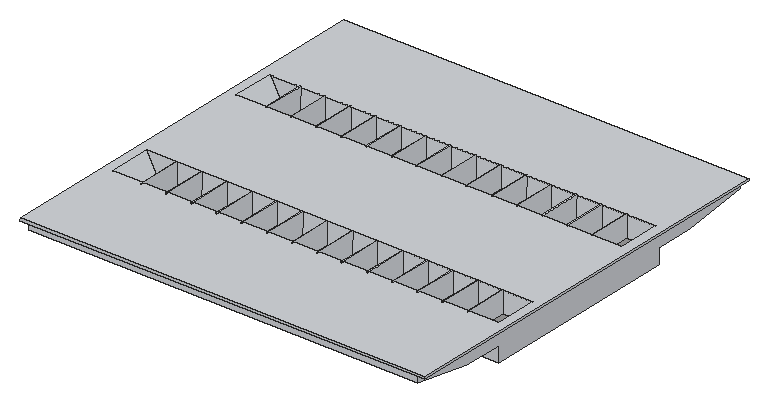
Revit family "0052579 Sylvania Lighting Fixture RANA NEO 3500LM REC 600x600 840 DALI 2L WHITE", category Lighting Fixtures, host Face, Revit 2016
Family settings
  Host = Face
  Part Type = Normal
  Round Connector Dimension = Use Diameter
  OmniClass Number = 23.80.70.00
  OmniClass Title = Lighting
  Cut with Voids When Loaded = No
  Light Source = Yes
  Shared = No
  Room Calculation Point = No
Parameters (values of type "0052579 RANA NEO 3500LM R 600 840 DALI 2L WHT")
  fin7 = 37 mm
  fin3 = 332 mm
  fin2 [instance] = 368 mm
  fin 6 = 110 mm
  fin 5 = 185 mm
  fin 4 = 258 mm
  fin 3 [instance] = 318 mm
  fin 2 = 407 mm
  fin 1 = 480 mm
  Width_SYL = if([600x600_SYL], 595 mm, if([625x625_SYL], 620 mm, if([1200_SYL], 296 mm, 306 mm)))  # 595 mm
  Weight = "n/a"
  Wattage Comments = ""
  Wattage = 28 W
  WarrantyStartDate [instance] = "n/a"
  WarrantyGuarantorParts = "n/a"
  WarrantyDurationUnit = "n/a"
  WarrantyDurationParts = ""
  WarrantyDescription = "http://www.sylvania-lighting.com"
  built-in parameter 1150110 = 1 (stored number, unit not read)
  Voltage = 0 V
  URL = "0.96"
  TypeName = "RANA NEO 3500LM REC 600x600 840 DALI 2L WHITE"
  Type Image = <None>
  Type Comments = "n/a"
  built-in parameter 1114217 = 1 (stored number, unit not read)
  TopWidth_SYL = if([600x600_SYL], 295 mm, if([625x625_SYL], 295 mm, if([1200_SYL], 165 mm, 165 mm)))  # 295 mm
  Tilt Angle = -90.00°
  built-in parameter 1150109 = 1 (stored number, unit not read)
  built-in parameter 1150134 = (empty or 0)
  built-in parameter 1150113 = 1 (stored number, unit not read)
  SlopeTopWidth_SYL = if([600x600_SYL], 410 mm, if([625x625_SYL], 410 mm, if([1200_SYL], 168 mm, 168 mm)))  # 410 mm
  SlopeBottomWidth_SYL = if([600x600_SYL], 593 mm, if([625x625_SYL], 593 mm, if([1200_SYL], 244 mm, 244 mm)))  # 593 mm
  SlopeHeight_SYL = if([600x600_SYL], 17 mm, if([625x625_SYL], 17 mm, if([1200_SYL], 40 mm, 40 mm)))  # 17 mm
  SerialNumber [instance] = "n/a"
  ReflectorNumber_SYL = if([1Ref_SYL], 2, if([2Ref_SYL], 2, 3))  # 2
  ReflectorLength_SYL = Length_SYL - Inset_SYL * 2 - 5 mm  # 550 mm
  ReflectorInset_SYL = if([1Ref_SYL], 82.4 mm, if([2Ref_SYL], 30 mm, 30 mm))  # 30 mm
  Photometric Web File = "0052579.ies"
  Material_3_SYL = none
  PowerFactor = 0.95
  PowerConsumption = "Lighting"
  NominalLength = 595 mm
  NominalHeight = 60 mm
  NominalDepth = 595 mm
  Name = "RANA NEO 3500LM REC 600x600 840 DALI 2L WHITE"
  ModelReference = Name  # "RANA NEO 3500LM REC 600x600 840 DALI 2L WHITE"
  ModelNumber = "0052579"
  Model = Name  # "RANA NEO 3500LM REC 600x600 840 DALI 2L WHITE"
  Material = "Feilo Sylvania"
  ManufacturerName = "113 lm/W"
  Manufacturer = ""
  LuminousEfficacy = ""
  built-in parameter 1150105 = 222.82 (stored number, unit not read)
  Lumens = 2800 lm
  LuminaireType = "0"
  built-in parameter 1150115 = 1 (stored number, unit not read)
  LouverNumber_SYL = if([600x600_SYL], 14, if([625x625_SYL], 14, if([1200_SYL], 28, 28)))  # 14
  LightOutputRatio = "LED"
  built-in parameter 1150137 = (empty or 0)
  built-in parameter 1150139 = (empty or 0)
  Length_SYL = if([600x600_SYL], 595 mm, if([625x625_SYL], 620 mm, if([1200_SYL], 1196 mm, 1246 mm)))  # 595 mm
  LampsType = Lamp  # "n/a"
  LampNominalLuminous = "4000 K"
  LampMacAdamStep = "80"
  LampColourTemperature = "LED"
  LampColourRenderingIndex = "16500"
  built-in parameter 1150112 = 1 (stored number, unit not read)
  built-in parameter 1150114 = 1 (stored number, unit not read)
  Lamp = "n/a"
  LED position [instance] = 410 mm
  LED inside width = 165 mm
  LED inner void = 521.5 mm
  LED Width = 290 mm
  LED Length = 568 mm
  Keynote = "n/a"
  InstallationDate [instance] = "n/a"
  Inset_SYL = 20 mm  # constant formula
  InputVoltage = "0"
  InputNominalFrequency = "4000"
  built-in parameter 1150132 = (empty or 0)
  built-in parameter 1150102 = (empty or 0)
  built-in parameter 1150107 = 3000 (stored number, unit not read)
  built-in parameter 1150138 = (empty or 0)
  IngressProtection = "IfcLightFixtureType"
  ImpactProtectionIndex = "IfcLightFixtureType"
  built-in parameter 1150106 = 2.2282 (stored number, unit not read)
  IfcExportType = "IfcLightFixtureType"
  IfcExportAs = "Class I"
  Height = 52 mm
  Emit from Rectangle Width = if([1Ref_SYL], 48 mm, TopWidth_SYL - 13 mm)  # 282 mm
  Emit from Rectangle Length = ReflectorLength_SYL - 8 mm  # 542 mm
  Emit Shape Visible in Rendering = no
  ElectricShockClassification = "113"
  built-in parameter 1150104 = 9.2903 (stored number, unit not read)
  DocumentationLiterature = "http://www.sylvania-lighting.com/product/en-int/products/0052579"
  DimmingControlOptions = "n/a"
  Material_2_SYL = none
  Dimming Lamp Color Temperature Shift = <None>
  Description = "-"
  Default Elevation = 1219.2 mm
  CreatedOn = "25/11/2019"
  CreatedBy = "@sylvania-lighting.com"
  Cost = 0
  Color Filter = 16777215
  built-in parameter 1114216 [instance] = (empty or 0)
  ClassificationValue = "EF_70_80"
  ClassificationName = "Uniclass2015"
  Material_1_SYL = none
  BarCode [instance] = "n/a"
  built-in parameter 1114218 = 1 (stored number, unit not read)
  built-in parameter 1150133 = 10 (stored number, unit not read)
  AssetType = "Fixed"
  AssetIdentifier [instance] = "n/a"
  Assembly Code = "D5020200"
  Apparent Load = 31 VA
  Material_4_SYL = none
  625x625_SYL = no
  600x600_SYL = yes
  2Ref_SYL = yes
  1Ref_SYL = no
  1200_SYL = no
Reference planes
  plane 1 "Center (Front/Back)": y = 0
  plane 2: z = 0
  plane 3 "Center (Left/Right)": x = 0
  plane 4: x = 297.5
  plane 5: x = -297.5
  plane 6: y = 297.5
  plane 7: y = -297.5
  plane 8: z = -120
  plane 9: z = -3
  plane 10: z = -12
  plane 11: z = -29
  plane 12: z = -52
  plane 13: y = -296.5
  plane 14: y = 296.5
  plane 15: y = 145
  plane 16: y = -145
  plane 17: y = 82.5
  plane 18: y = -82.5
  plane 19: x = -284
  plane 20: x = 284
  plane 21: y = 141
  plane 22: y = 86.5
  plane 23: x = -264
  plane 24: x = 257.5
  plane 25: x = -286
  plane 26: x = 286
  plane 27: y = -86.5
  plane 28: y = -141
  plane 29: x = 18.5
  plane 30: x = -18.5
  plane 31: x = 55
  plane 32: x = -55
  plane 33: x = 92.5
  plane 34: x = -92.5
  plane 35: x = 129
  plane 36: x = -129
  plane 37: x = 166
  plane 38: x = -166
  plane 39: x = -203.5
  plane 40: x = 203.5
  plane 41: x = -240
  plane 42: x = 240
  plane 43: x = 169.5
  plane 44: x = 162.5
  plane 45: x = 166.5
  plane 46: x = 165.5
Forms (mm)
  Extrusion 1, void
    sketch origin (0, 0, 0) x (1, 0, 0) y (0, 1, 0)
      loop
        line (-297.5, 297.5) -> (-297.5, -297.5) -> (297.5, -297.5) -> (297.5, 297.5) -> (-297.5, 297.5)
    from -120 to 0
  Extrusion 2, solid, detail levels medium+fine
    sketch origin (0, 0, 0) x (0, 1, 0) y (0, 0, 1)
      loop
        line (-296.5, 0) -> (-296.5, -12) -> (-205, -29) -> (-147.5, -29) -> (-147.5, -52) -> (147.5, -52) -> (147.5, -29) -> (205, -29) -> (296.5, -17.514) -> (296.5, 0) -> (-296.5, 0)
    from -286 to 286
  Extrusion 3, solid, detail levels medium+fine
    sketch origin (275, 1524, 1219.2) x (0, 1, 0) y (0, 0, 1)
      loop
        line (-1226.5, -1222.2) -> (-1226.5, -1219.2) -> (-1820.5, -1219.2) -> (-1820.5, -1222.2) -> (-1226.5, -1222.2)
    from 11 to 22.5
  Extrusion 4, solid, detail levels medium+fine
    sketch origin (-275, 1524, 1219.2) x (0, 1, 0) y (0, 0, 1)
      loop
        line (-1820.5, -1222.2) -> (-1227.5, -1222.2) -> (-1227.5, -1219.2) -> (-1820.5, -1219.2) -> (-1820.5, -1222.2)
    from -11 to -22.5
  Extrusion 5, solid, detail levels medium+fine
    sketch origin (0, 0, 0) x (0, 1, 0) y (0, 0, 1)
      loop
        line (-297.5, 0) -> (-297.5, -3) -> (-296.5, -3) -> (-296.5, 0) -> (-297.5, 0)
      loop
        line (297.5, -3) -> (297.5, 0) -> (296.5, 0) -> (296.5, -3) -> (297.5, -3)
    from -297.5 to 297.5
  Blend 6, void
    base sketch origin (0, 0, 0) x (1, 0, 0) y (0, 1, 0)
      loop
        line (-284, 145) -> (-284, 82.5) -> (284, 82.5) -> (284, 145) -> (-284, 145)
    top sketch origin (0, 0, 0) x (1, 0, 0) y (0, 1, 0)
      loop
        line (-264, 141) -> (-264, 86.5) -> (257.5, 86.5) -> (257.5, 141) -> (-264, 141)
    from 0 to -29
  Blend 7, void
    base sketch origin (0, 0, 0) x (1, 0, 0) y (0, 1, 0)
      loop
        line (-284, -82.5) -> (-284, -145) -> (284, -145) -> (284, -82.5) -> (-284, -82.5)
    top sketch origin (0, 0, 0) x (1, 0, 0) y (0, 1, 0)
      loop
        line (257.5, -86.5) -> (-264, -86.5) -> (-264, -141) -> (257.5, -141) -> (257.5, -86.5)
    from 0 to -29
  Extrusion 8, solid, detail levels fine
    sketch origin (0, 0, 0) x (1, 0, 0) y (0, 0, 1)
      loop
        line (162.5, -29) -> (169.5, -29) -> (166.5, 0) -> (165.5, 0) -> (162.5, -29)
    from -145 to -82.5
  Extrusion 9, solid, detail levels fine
    sketch origin (37.5, 0, 0) x (1, 0, 0) y (0, 0, 1)
      loop
        line (162.5, -29) -> (169.5, -29) -> (166.5, 0) -> (165.5, 0) -> (162.5, -29)
    from -145 to -82.5
  Extrusion 10, solid, detail levels fine
    sketch origin (74, 0, 0) x (1, 0, 0) y (0, 0, 1)
      loop
        line (162.5, -29) -> (169.5, -29) -> (166.5, 0) -> (165.5, 0) -> (162.5, -29)
    from -145 to -82.5
  Extrusion 11, solid, detail levels fine
    sketch origin (-37, 0, 0) x (1, 0, 0) y (0, 0, 1)
      loop
        line (162.5, -29) -> (169.5, -29) -> (166.5, 0) -> (165.5, 0) -> (162.5, -29)
    from -145 to -82.5
  Extrusion 12, solid, detail levels fine
    sketch origin (-73.5, 0, 0) x (1, 0, 0) y (0, 0, 1)
      loop
        line (162.5, -29) -> (169.5, -29) -> (166.5, 0) -> (165.5, 0) -> (162.5, -29)
    from -145 to -82.5
  Extrusion 13, solid, detail levels fine
    sketch origin (-111, 0, 0) x (1, 0, 0) y (0, 0, 1)
      loop
        line (162.5, -29) -> (169.5, -29) -> (166.5, 0) -> (165.5, 0) -> (162.5, -29)
    from -145 to -82.5
  Extrusion 14, solid, detail levels fine
    sketch origin (-147.5, 0, 0) x (1, 0, 0) y (0, 0, 1)
      loop
        line (162.5, -29) -> (169.5, -29) -> (166.5, 0) -> (165.5, 0) -> (162.5, -29)
    from -145 to -82.5
  Extrusion 15, solid, detail levels fine
    sketch origin (-184.5, 0, 0) x (1, 0, 0) y (0, 0, 1)
      loop
        line (162.5, -29) -> (169.5, -29) -> (166.5, 0) -> (165.5, 0) -> (162.5, -29)
    from -145 to -82.5
  Extrusion 16, solid, detail levels fine
    sketch origin (-221, 0, 0) x (1, 0, 0) y (0, 0, 1)
      loop
        line (162.5, -29) -> (169.5, -29) -> (166.5, 0) -> (165.5, 0) -> (162.5, -29)
    from -145 to -82.5
  Extrusion 17, solid, detail levels fine
    sketch origin (-258.5, 0, 0) x (1, 0, 0) y (0, 0, 1)
      loop
        line (162.5, -29) -> (169.5, -29) -> (166.5, 0) -> (165.5, 0) -> (162.5, -29)
    from -145 to -82.5
  Extrusion 18, solid, detail levels fine
    sketch origin (-295, 0, 0) x (1, 0, 0) y (0, 0, 1)
      loop
        line (162.5, -29) -> (169.5, -29) -> (166.5, 0) -> (165.5, 0) -> (162.5, -29)
    from -145 to -82.5
  Extrusion 19, solid, detail levels fine
    sketch origin (-332, 0, 0) x (1, 0, 0) y (0, 0, 1)
      loop
        line (162.5, -29) -> (169.5, -29) -> (166.5, 0) -> (165.5, 0) -> (162.5, -29)
    from -145 to -82.5
  Extrusion 20, solid, detail levels fine
    sketch origin (-369.5, 0, 0) x (1, 0, 0) y (0, 0, 1)
      loop
        line (162.5, -29) -> (169.5, -29) -> (166.5, 0) -> (165.5, 0) -> (162.5, -29)
    from -145 to -82.5
  Extrusion 21, solid, detail levels fine
    sketch origin (-406, 0, 0) x (1, 0, 0) y (0, 0, 1)
      loop
        line (162.5, -29) -> (169.5, -29) -> (166.5, 0) -> (165.5, 0) -> (162.5, -29)
    from -145 to -82.5
  Extrusion 22, solid, detail levels fine
    sketch origin (-406.072, 0, -0.017) x (1, 0, 0) y (0, 0, 1)
      loop
        line (162.5, -29) -> (169.5, -29) -> (166.5, 0) -> (165.5, 0) -> (162.5, -29)
    from 82.5 to 147.5
  Extrusion 23, solid, detail levels fine
    sketch origin (-369.572, 0, -0.017) x (1, 0, 0) y (0, 0, 1)
      loop
        line (162.5, -29) -> (169.5, -29) -> (166.5, 0) -> (165.5, 0) -> (162.5, -29)
    from 82.5 to 147.5
  Extrusion 24, solid, detail levels fine
    sketch origin (-331.998, 0, -0.017) x (1, 0, 0) y (0, 0, 1)
      loop
        line (162.5, -29) -> (169.5, -29) -> (166.5, 0) -> (165.5, 0) -> (162.5, -29)
    from 82.5 to 147.5
  Extrusion 25, solid, detail levels fine
    sketch origin (-294.998, 0, -0.017) x (1, 0, 0) y (0, 0, 1)
      loop
        line (162.5, -29) -> (169.5, -29) -> (166.5, 0) -> (165.5, 0) -> (162.5, -29)
    from 82.5 to 147.5
  Extrusion 26, solid, detail levels fine
    sketch origin (-258.498, 0, -0.017) x (1, 0, 0) y (0, 0, 1)
      loop
        line (162.5, -29) -> (169.5, -29) -> (166.5, 0) -> (165.5, 0) -> (162.5, -29)
    from 82.5 to 147.5
  Extrusion 27, solid, detail levels fine
    sketch origin (-221, 0, -0.017) x (1, 0, 0) y (0, 0, 1)
      loop
        line (162.5, -29) -> (169.5, -29) -> (166.5, 0) -> (165.5, 0) -> (162.5, -29)
    from 82.5 to 147.5
  Extrusion 28, solid, detail levels fine
    sketch origin (-184.5, 0, -0.017) x (1, 0, 0) y (0, 0, 1)
      loop
        line (162.5, -29) -> (169.5, -29) -> (166.5, 0) -> (165.5, 0) -> (162.5, -29)
    from 82.5 to 147.5
  Extrusion 29, solid, detail levels fine
    sketch origin (-147.5, 0, -0.017) x (1, 0, 0) y (0, 0, 1)
      loop
        line (162.5, -29) -> (169.5, -29) -> (166.5, 0) -> (165.5, 0) -> (162.5, -29)
    from 82.5 to 147.5
  Extrusion 30, solid, detail levels fine
    sketch origin (-111, 0, -0.017) x (1, 0, 0) y (0, 0, 1)
      loop
        line (162.5, -29) -> (169.5, -29) -> (166.5, 0) -> (165.5, 0) -> (162.5, -29)
    from 82.5 to 147.5
  Extrusion 31, solid, detail levels fine
    sketch origin (-73.5, 0, -0.017) x (1, 0, 0) y (0, 0, 1)
      loop
        line (162.5, -29) -> (169.5, -29) -> (166.5, 0) -> (165.5, 0) -> (162.5, -29)
    from 82.5 to 147.5
  Extrusion 32, solid, detail levels fine
    sketch origin (-37, 0, -0.017) x (1, 0, 0) y (0, 0, 1)
      loop
        line (162.5, -29) -> (169.5, -29) -> (166.5, 0) -> (165.5, 0) -> (162.5, -29)
    from 82.5 to 147.5
  Extrusion 33, solid, detail levels fine
    sketch origin (0, 0, -0.017) x (1, 0, 0) y (0, 0, 1)
      loop
        line (162.5, -29) -> (169.5, -29) -> (166.5, 0) -> (165.5, 0) -> (162.5, -29)
    from 82.5 to 147.5
  Extrusion 34, solid, detail levels fine
    sketch origin (37.5, 0, -0.017) x (1, 0, 0) y (0, 0, 1)
      loop
        line (162.5, -29) -> (169.5, -29) -> (166.5, 0) -> (165.5, 0) -> (162.5, -29)
    from 82.5 to 147.5
  Extrusion 35, solid, detail levels fine
    sketch origin (74, 0, -0.017) x (1, 0, 0) y (0, 0, 1)
      loop
        line (162.5, -29) -> (169.5, -29) -> (166.5, 0) -> (165.5, 0) -> (162.5, -29)
    from 82.5 to 147.5
  Extrusion 36, solid, material "Glass, White, High Luminance", detail levels fine
    sketch origin (0, 0, 0) x (1, 0, 0) y (0, 1, 0)
      loop
        line (-264, 141) -> (-264, 86.5) -> (257.5, 86.5) -> (257.5, 141) -> (-264, 141)
    from -29 to -28
  Extrusion 37, solid, material "Glass, White, High Luminance", detail levels fine
    sketch origin (0, 0, 0) x (1, 0, 0) y (0, 1, 0)
      loop
        line (-264, -86.5) -> (-264, -141) -> (257.5, -141) -> (257.5, -86.5) -> (-264, -86.5)
    from -29 to -28
  Extrusion 38, solid, detail levels coarse
    sketch origin (0, 0, 0) x (1, 0, 0) y (0, 1, 0)
      loop
        line (-297.5, 297.5) -> (-297.5, -297.5) -> (297.5, -297.5) -> (297.5, 297.5) -> (-297.5, 297.5)
    from -52 to 0
Cuts and joins
  Blend 6, Blend 7 cuts Extrusion 2
  Blend 6, Blend 7 cuts Extrusion 3
  Blend 6, Blend 7 cuts Extrusion 4
  Blend 6, Blend 7 cuts Extrusion 5
  joined: Extrusion 2, Extrusion 3, Extrusion 4, Extrusion 5
Dimensions and locks
  "Length_SYL": plane 5 to plane 4
  locked: plane 2 to plane 8 at 120
  locked: plane 2 to plane 9 at 3
  locked: plane 2 to plane 10 at 12
  "SlopeHeight_SYL": plane 11 to plane 10
  "Height": plane 2 to plane 12
  equal spacing: plane 13, plane 1 "Center (Front/Back)", plane 14
  "SlopeBottomWidth_SYL": plane 13 to plane 14
  "LED Width": plane 15 to plane 16
  equal spacing: plane 15, plane 1 "Center (Front/Back)", plane 16
  "LED inside width": plane 17 to plane 18
  equal spacing: plane 17, plane 1 "Center (Front/Back)", plane 18
  "LED Length": plane 19 to plane 20
  equal spacing: plane 19, plane 3 "Center (Left/Right)", plane 20
  "LED inner void": plane 23 to plane 24
  "fin7": plane 29 to plane 30
  equal spacing: plane 29, plane 3 "Center (Left/Right)", plane 30
  "fin 6": plane 31 to plane 32
  equal spacing: plane 31, plane 3 "Center (Left/Right)", plane 32
  "fin 5": plane 33 to plane 34
  equal spacing: plane 33, plane 3 "Center (Left/Right)", plane 34
  "fin 4": plane 35 to plane 36
  equal spacing: plane 35, plane 3 "Center (Left/Right)", plane 36
  "fin 2": plane 40 to plane 39
  equal spacing: plane 40, plane 3 "Center (Left/Right)", plane 39
  "fin3": plane 37 to plane 38
  equal spacing: plane 37, plane 3 "Center (Left/Right)", plane 38
  "fin 1": plane 42 to plane 41
  equal spacing: plane 42, plane 3 "Center (Left/Right)", plane 41
  aligned and locked: plane 2 to host face
  aligned and locked: level to host face
  aligned and locked: plane 6 to Extrusion 1 sketch curve
  aligned and locked: plane 5 to Extrusion 1 sketch curve
  aligned and locked: Extrusion 1 sketch curve to plane 7
  aligned and locked: Extrusion 1 sketch curve to plane 4
  aligned and locked: level to Extrusion 1
  aligned and locked: plane 8 to Extrusion 1
  aligned and locked: plane 2 to Extrusion 1
  aligned and locked: plane 10 to Extrusion 2 sketch curve
  aligned and locked: plane 12 to Extrusion 2 sketch curve
  aligned and locked: plane 11 to Extrusion 2 sketch curve  (x2)
  aligned and locked: Extrusion 2 sketch curve to level
  aligned and locked: Extrusion 3 sketch curve to Extrusion 2
  aligned and locked: plane 6 to Extrusion 3 sketch curve
  aligned and locked: plane 4 to Extrusion 3
  aligned and locked: cut or joined group of Extrusion 2, Extrusion 3, Extrusion 4, Extrusion 5, Blend 6, Blend 7 to Extrusion 4 sketch curve  (x3)
  aligned and locked: Extrusion 4 sketch curve to cut or joined group of Extrusion 2, Extrusion 3, Extrusion 4, Extrusion 5, Blend 6, Blend 7
  aligned and locked: Extrusion 4 to plane 5
  aligned and locked: Extrusion 3 to Extrusion 2
  aligned and locked: Extrusion 4 to Extrusion 2
  aligned and locked: plane 14 to Extrusion 2 sketch curve
  aligned and locked: plane 13 to Extrusion 2 sketch curve
  aligned and locked: Extrusion 5 sketch curve to level  (x2)
  aligned and locked: Extrusion 5 sketch curve to plane 7
  aligned and locked: Extrusion 5 sketch curve to cut or joined group of Extrusion 2, Extrusion 3, Extrusion 4, Extrusion 5, Blend 6, Blend 7  (x4)
  aligned and locked: cut or joined group of Extrusion 2, Extrusion 3, Extrusion 4, Extrusion 5, Blend 6, Blend 7 to Extrusion 5 sketch curve
  aligned and locked: Extrusion 5 to plane 5
  aligned and locked: plane 4 to Extrusion 5
Automatic sketch dimensions
  host sketch curve to host sketch curve = 1219.2 mm
  host sketch curve to host sketch curve = 1211.616 mm
  Extrusion 2 sketch curve to plane 16 = 60 mm
  Extrusion 2 sketch curve to plane 16 = 2.5 mm
  plane 15 to Extrusion 2 sketch curve = 2.5 mm
  Extrusion 2 sketch curve to Extrusion 2 sketch curve = 57.5 mm
  plane 10 to Extrusion 2 sketch curve = 5.514 mm
  plane 9 to Extrusion 3 sketch curve = 0 mm
  Extrusion 3 sketch curve to plane 13 = 0 mm
  Blend 6 sketch curve to plane 17 = 0 mm
  Blend 6 sketch curve to plane 19 = 0 mm
  Blend 6 sketch curve to plane 20 = 0 mm
  Blend 6 sketch curve to plane 15 = 0 mm
  Blend 6 sketch curve to plane 22 = 0 mm
  Blend 6 sketch curve to plane 23 = 0 mm
  Blend 6 sketch curve to plane 24 = 0 mm
  Blend 6 sketch curve to plane 21 = 0 mm
  Blend 7 sketch curve to plane 16 = 0 mm
  Blend 7 sketch curve to plane 19 = 0 mm
  Blend 7 sketch curve to plane 20 = 0 mm
  Blend 7 sketch curve to plane 18 = 0 mm
  Blend 7 sketch curve to plane 23 = 0 mm
  Blend 7 sketch curve to plane 24 = 0 mm
  Blend 7 sketch curve to plane 28 = 0 mm
  Blend 7 sketch curve to plane 27 = 0 mm
  Extrusion 8 sketch curve to plane 11 = 0 mm
  Extrusion 8 sketch curve to plane 44 = 0 mm
  Extrusion 8 sketch curve to level = 0 mm
  Extrusion 8 sketch curve to plane 46 = 0 mm
  Extrusion 8 sketch curve to plane 45 = 0 mm
  Extrusion 8 sketch curve to plane 43 = 0 mm
  Extrusion 9 sketch curve to plane 11 = 0 mm
  Extrusion 9 sketch curve to level = 0 mm
  Extrusion 9 sketch curve to plane 40 = 3.5 mm
  Extrusion 9 sketch curve to plane 40 = 0.5 mm
  plane 40 to Extrusion 9 sketch curve = 0.5 mm
  plane 40 to Extrusion 9 sketch curve = 3.5 mm
  Extrusion 10 sketch curve to plane 11 = 0 mm
  Extrusion 10 sketch curve to level = 0 mm
  Extrusion 10 sketch curve to plane 42 = 3.5 mm
  Extrusion 10 sketch curve to plane 42 = 0.5 mm
  plane 42 to Extrusion 10 sketch curve = 0.5 mm
  plane 42 to Extrusion 10 sketch curve = 3.5 mm
  Extrusion 11 sketch curve to plane 11 = 0 mm
  Extrusion 11 sketch curve to level = 0 mm
  Extrusion 11 sketch curve to plane 35 = 3.5 mm
  Extrusion 11 sketch curve to plane 35 = 0.5 mm
  plane 35 to Extrusion 11 sketch curve = 0.5 mm
  plane 35 to Extrusion 11 sketch curve = 3.5 mm
  Extrusion 12 sketch curve to plane 11 = 0 mm
  Extrusion 12 sketch curve to level = 0 mm
  Extrusion 12 sketch curve to plane 33 = 3.5 mm
  Extrusion 12 sketch curve to plane 33 = 0.5 mm
  plane 33 to Extrusion 12 sketch curve = 0.5 mm
  plane 33 to Extrusion 12 sketch curve = 3.5 mm
  Extrusion 13 sketch curve to plane 11 = 0 mm
  Extrusion 13 sketch curve to level = 0 mm
  Extrusion 13 sketch curve to plane 31 = 3.5 mm
  Extrusion 13 sketch curve to plane 31 = 0.5 mm
  plane 31 to Extrusion 13 sketch curve = 0.5 mm
  plane 31 to Extrusion 13 sketch curve = 3.5 mm
  Extrusion 14 sketch curve to plane 11 = 0 mm
  Extrusion 14 sketch curve to level = 0 mm
  Extrusion 14 sketch curve to plane 29 = 3.5 mm
  Extrusion 14 sketch curve to plane 29 = 0.5 mm
  plane 29 to Extrusion 14 sketch curve = 0.5 mm
  plane 29 to Extrusion 14 sketch curve = 3.5 mm
  Extrusion 15 sketch curve to plane 11 = 0 mm
  Extrusion 15 sketch curve to level = 0 mm
  Extrusion 15 sketch curve to plane 30 = 3.5 mm
  Extrusion 15 sketch curve to plane 30 = 0.5 mm
  plane 30 to Extrusion 15 sketch curve = 0.5 mm
  plane 30 to Extrusion 15 sketch curve = 3.5 mm
  Extrusion 16 sketch curve to plane 11 = 0 mm
  Extrusion 16 sketch curve to level = 0 mm
  Extrusion 16 sketch curve to plane 32 = 3.5 mm
  Extrusion 16 sketch curve to plane 32 = 0.5 mm
  plane 32 to Extrusion 16 sketch curve = 0.5 mm
  plane 32 to Extrusion 16 sketch curve = 3.5 mm
  Extrusion 17 sketch curve to plane 11 = 0 mm
  Extrusion 17 sketch curve to level = 0 mm
  Extrusion 17 sketch curve to plane 34 = 3.5 mm
  Extrusion 17 sketch curve to plane 34 = 0.5 mm
  plane 34 to Extrusion 17 sketch curve = 0.5 mm
  plane 34 to Extrusion 17 sketch curve = 3.5 mm
  Extrusion 18 sketch curve to plane 11 = 0 mm
  Extrusion 18 sketch curve to level = 0 mm
  Extrusion 18 sketch curve to plane 36 = 3.5 mm
  Extrusion 18 sketch curve to plane 36 = 0.5 mm
  plane 36 to Extrusion 18 sketch curve = 0.5 mm
  plane 36 to Extrusion 18 sketch curve = 3.5 mm
  Extrusion 19 sketch curve to plane 11 = 0 mm
  Extrusion 19 sketch curve to level = 0 mm
  Extrusion 19 sketch curve to plane 38 = 3.5 mm
  Extrusion 19 sketch curve to plane 38 = 0.5 mm
  plane 38 to Extrusion 19 sketch curve = 0.5 mm
  plane 38 to Extrusion 19 sketch curve = 3.5 mm
  Extrusion 20 sketch curve to plane 11 = 0 mm
  Extrusion 20 sketch curve to level = 0 mm
  Extrusion 20 sketch curve to plane 39 = 3.5 mm
  Extrusion 20 sketch curve to plane 39 = 0.5 mm
  plane 39 to Extrusion 20 sketch curve = 0.5 mm
  plane 39 to Extrusion 20 sketch curve = 3.5 mm
  Extrusion 21 sketch curve to plane 11 = 0 mm
  Extrusion 21 sketch curve to level = 0 mm
  Extrusion 21 sketch curve to plane 41 = 3.5 mm
  Extrusion 21 sketch curve to plane 41 = 0.5 mm
  plane 41 to Extrusion 21 sketch curve = 0.5 mm
  plane 41 to Extrusion 21 sketch curve = 3.5 mm
  plane 11 to Extrusion 22 sketch curve = 0.017 mm
  Extrusion 22 sketch curve to plane 41 = 3.572 mm
  Extrusion 22 sketch curve to level = 0.017 mm
  Extrusion 22 sketch curve to plane 41 = 0.572 mm
  plane 41 to Extrusion 22 sketch curve = 0.428 mm
  plane 41 to Extrusion 22 sketch curve = 3.428 mm
  plane 11 to Extrusion 23 sketch curve = 0.017 mm
  Extrusion 23 sketch curve to plane 39 = 3.572 mm
  Extrusion 23 sketch curve to level = 0.017 mm
  Extrusion 23 sketch curve to plane 39 = 0.572 mm
  plane 39 to Extrusion 23 sketch curve = 0.428 mm
  plane 39 to Extrusion 23 sketch curve = 3.428 mm
  plane 11 to Extrusion 24 sketch curve = 0.017 mm
  Extrusion 24 sketch curve to plane 38 = 3.498 mm
  Extrusion 24 sketch curve to level = 0.017 mm
  Extrusion 24 sketch curve to plane 38 = 0.498 mm
  plane 38 to Extrusion 24 sketch curve = 0.502 mm
  plane 38 to Extrusion 24 sketch curve = 3.502 mm
  plane 11 to Extrusion 25 sketch curve = 0.017 mm
  Extrusion 25 sketch curve to plane 36 = 3.498 mm
  Extrusion 25 sketch curve to level = 0.017 mm
  Extrusion 25 sketch curve to plane 36 = 0.498 mm
  plane 36 to Extrusion 25 sketch curve = 0.502 mm
  plane 36 to Extrusion 25 sketch curve = 3.502 mm
  plane 11 to Extrusion 26 sketch curve = 0.017 mm
  Extrusion 26 sketch curve to plane 34 = 3.498 mm
  Extrusion 26 sketch curve to level = 0.017 mm
  Extrusion 26 sketch curve to plane 34 = 0.498 mm
  plane 34 to Extrusion 26 sketch curve = 0.502 mm
  plane 34 to Extrusion 26 sketch curve = 3.502 mm
  plane 11 to Extrusion 27 sketch curve = 0.017 mm
  Extrusion 27 sketch curve to plane 32 = 3.5 mm
  Extrusion 27 sketch curve to level = 0.017 mm
  Extrusion 27 sketch curve to plane 32 = 0.5 mm
  plane 32 to Extrusion 27 sketch curve = 0.5 mm
  plane 32 to Extrusion 27 sketch curve = 3.5 mm
  plane 11 to Extrusion 28 sketch curve = 0.017 mm
  Extrusion 28 sketch curve to plane 30 = 3.5 mm
  Extrusion 28 sketch curve to level = 0.017 mm
  Extrusion 28 sketch curve to plane 30 = 0.5 mm
  plane 30 to Extrusion 28 sketch curve = 0.5 mm
  plane 30 to Extrusion 28 sketch curve = 3.5 mm
  plane 11 to Extrusion 29 sketch curve = 0.017 mm
  Extrusion 29 sketch curve to plane 29 = 3.5 mm
  Extrusion 29 sketch curve to level = 0.017 mm
  Extrusion 29 sketch curve to plane 29 = 0.5 mm
  plane 29 to Extrusion 29 sketch curve = 0.5 mm
  plane 29 to Extrusion 29 sketch curve = 3.5 mm
  plane 11 to Extrusion 30 sketch curve = 0.017 mm
  Extrusion 30 sketch curve to plane 31 = 3.5 mm
  Extrusion 30 sketch curve to level = 0.017 mm
  Extrusion 30 sketch curve to plane 31 = 0.5 mm
  plane 31 to Extrusion 30 sketch curve = 0.5 mm
  plane 31 to Extrusion 30 sketch curve = 3.5 mm
  plane 11 to Extrusion 31 sketch curve = 0.017 mm
  Extrusion 31 sketch curve to plane 33 = 3.5 mm
  Extrusion 31 sketch curve to level = 0.017 mm
  Extrusion 31 sketch curve to plane 33 = 0.5 mm
  plane 33 to Extrusion 31 sketch curve = 0.5 mm
  plane 33 to Extrusion 31 sketch curve = 3.5 mm
  plane 11 to Extrusion 32 sketch curve = 0.017 mm
  Extrusion 32 sketch curve to plane 35 = 3.5 mm
  Extrusion 32 sketch curve to level = 0.017 mm
  Extrusion 32 sketch curve to plane 35 = 0.5 mm
  plane 35 to Extrusion 32 sketch curve = 0.5 mm
  plane 35 to Extrusion 32 sketch curve = 3.5 mm
  Extrusion 33 sketch curve to plane 44 = 0 mm
  Extrusion 33 sketch curve to plane 46 = 0 mm
  Extrusion 33 sketch curve to plane 45 = 0 mm
  Extrusion 33 sketch curve to plane 43 = 0 mm
  plane 11 to Extrusion 33 sketch curve = 0.017 mm
  Extrusion 33 sketch curve to level = 0.017 mm
  plane 11 to Extrusion 34 sketch curve = 0.017 mm
  Extrusion 34 sketch curve to plane 40 = 3.5 mm
  Extrusion 34 sketch curve to level = 0.017 mm
  Extrusion 34 sketch curve to plane 40 = 0.5 mm
  plane 40 to Extrusion 34 sketch curve = 0.5 mm
  plane 40 to Extrusion 34 sketch curve = 3.5 mm
  plane 11 to Extrusion 35 sketch curve = 0.017 mm
  Extrusion 35 sketch curve to plane 42 = 3.5 mm
  Extrusion 35 sketch curve to level = 0.017 mm
  Extrusion 35 sketch curve to plane 42 = 0.5 mm
  plane 42 to Extrusion 35 sketch curve = 0.5 mm
  plane 42 to Extrusion 35 sketch curve = 3.5 mm
  Extrusion 36 sketch curve to plane 22 = 0 mm
  Extrusion 36 sketch curve to plane 23 = 0 mm
  Extrusion 36 sketch curve to plane 24 = 0 mm
  Extrusion 36 sketch curve to plane 21 = 0 mm
  Extrusion 37 sketch curve to plane 23 = 0 mm
  Extrusion 37 sketch curve to plane 24 = 0 mm
  Extrusion 37 sketch curve to plane 28 = 0 mm
  Extrusion 37 sketch curve to plane 27 = 0 mm
  Extrusion 38 sketch curve to plane 5 = 0 mm
  Extrusion 38 sketch curve to plane 4 = 0 mm
  plane 7 to Extrusion 38 sketch curve = 0 mm
  plane 6 to Extrusion 38 sketch curve = 0 mm
Connectors
  electrical at (0, 0, -52), driven by "Voltage", driven by "Apparent Load", driven by "PowerFactor"
    settings: on cut or joined group of Extrusion 2, Extrusion 3, Extrusion 4, Extrusion 5, Blend 6, Blend 7, index 1, voltage 0 V, apparent load 31 VA, apparent load phase1 0 VA, apparent load phase2 0 VA, apparent load phase3 0 VA, power factor 0.95, load classification "Lighting", number of poles 1, system type 30, power factor state 1, is connector primary yes, connector utility no, sub classification motor no, connector description ""
